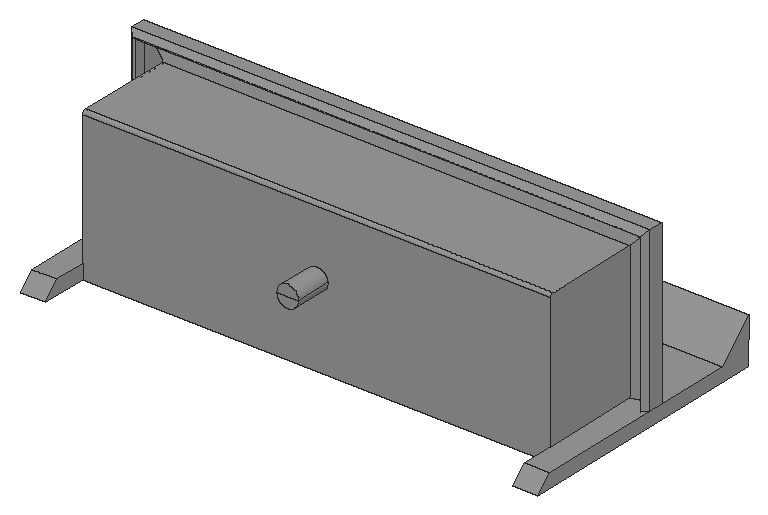
Revit family "Urinal-Willoughby-1800-UW-FA-LS", category Plumbing Fixtures, Revit 2015
Parameters (values of type "1836")
  Width = 3' - 0"
  Waste DIA = 1 1/2"
  Waste Connection = yes
  Vent Connection = no
  URL = "https://www.willoughby-ind.com/wp-content/uploads/2018/01/UW-1800.pdf"
  Trough Width = Width - 0' 3 1/2"  # 2' - 8 1/2"
  Revision = "A"
  Model = "UW-1836-FA-LS"
  Manufacturer = "Willoughby Industries"
  Half Width = Width / 2  # 1' - 6"
  HW Connection = no
  Fixture Body = Stainless Steel AISI 304-Willoughby(4)
  Description = "36\" Trough Urinal Left Spud"
  Default Elevation = 0' - 0"
  Contact = "800-428-4065"
  CW inlet Diameter = 3/4"
  CW Connection = yes
  96" = no
  72" = no
  60" = no
  48" = no
  36" = yes
Types (6): name | Width | Trough Width | Model | Half Width | Fixture Body | Description | CW inlet Diameter | 96" | 72" | 60" | 48" | 36"
  (no name) | 3' - 0" | 2' - 8 1/2" | "UW-1836-FA-LS" | 1' - 6" | Stainless Steel AISI 304-Willoughby(4) | "36\" Trough Urinal Left Spud" | 3/4" | no | no | no | no | yes
  1848 | 4' - 0" | 3' - 8 1/2" | "UW-1848-FA-LS" | 2' - 0" | Stainless Steel AISI 304-Willoughby | "48\" Trough Urinal Left Spud" | 3/4" | no | no | no | yes | no
  1836 | 3' - 0" | 2' - 8 1/2" | "UW-1836-FA-LS" | 1' - 6" | Stainless Steel AISI 304-Willoughby(4) | "36\" Trough Urinal Left Spud" | 3/4" | no | no | no | no | yes
  1860 | 5' - 0" | 4' - 8 1/2" | "UW-1860-FA-LS" | 2' - 6" | Stainless Steel AISI 304-Willoughby(3) | "60\" Trough Urinal Left Spud" | 3/4" | no | no | yes | no | no
  1872 | 6' - 0" | 5' - 8 1/2" | "UW-1872-FA-LS" | 3' - 0" | Stainless Steel AISI 304-Willoughby(2) | "72\" Trough Urinal Left Spud" | 1 1/2" | no | yes | no | no | no
  1896 | 8' - 0" | 7' - 8 1/2" | "UW-1896-FA-LS" | 4' - 0" | Stainless Steel AISI 304-Willoughby(1) | "96\" Trough Urinal Left Spud" | 1 1/2" | yes | no | no | no | no
Reference planes (in)
  plane 1 "Center (Front/Back)Floor Level": y = 0
  plane 2: z = 0
  plane 3 "Center (Left/Right)": x = 0
  plane 4 "Top Of Urinal": y = 20
  plane 5 "Top Of Unit": y = 28
  plane 6 "Botto Of Unit": y = 13
  plane 7 "Left extent": x = -18
  plane 8 "Right Extent": x = 18
  plane 9: z = 10.5
  plane 10: x = 16.25
  plane 11: x = -16.25
  plane 12 "Drain Center": z = 5.75
  plane 13 "top spud": z = 2.5
  plane 14: x = -16.15625
  plane 15: x = -19
Forms (in)
  Extrusion 1, solid, material "Stainless Steel AISI 304-Willoughby(4)" <- "Fixture Body"
    sketch origin (0, 0, 0) x (0, 1, 0) y (0, 0, 1)
      loop
        line (13, 0) -> (28, 0) -> (28, 3.25) -> (25.75, 1) -> (13, 1) -> (13, 0)
    from -18 to 18
  Extrusion 2, solid, material "Stainless Steel AISI 304-Willoughby(4)" <- "Fixture Body"
    sketch origin (0, 0, 0) x (0, 1, 0) y (0, 0, 1)
      loop
        line (20, 1) -> (20, 10.5) -> (13.25, 10.5)
        arc (13.25, 10.5) -> (13.07322, 10.42678) -> (13, 10.25) r 0.25
        line (13, 10.25) -> (13, 1) -> (20, 1)
    from -16.25 to 16.25
  Sweep 3, solid, material "Stainless Steel AISI 304-Willoughby(4)" <- "Fixture Body", detail levels medium+fine
    path origin (0, 20, 0) x (-1, 0, 0) y (0, 0, 1)
      loop
        line (-16.25, 1) -> (-16.25, 10.5) -> (16.25, 10.5) -> (16.25, 1)
    profile origin (16.25, 20, 5.75) x (1, 0, 0) y (0, 1, 0)
      loop
        line (0, 0) -> (0, -0.09706) -> (1.65625, 0.34673) -> (1.65625, -0.49226) -> (1.33016, -0.81835) -> (1.39645, -0.88464) -> (1.75, -0.53109) -> (1.75, 0.46891) -> (0, 0)
  Extrusion 4, void
    sketch origin (0, 0, 0) x (0, 1, 0) y (0, 0, 1)
      loop
        line (20, 10.45984) -> (13.36653, 10.45984)
        arc (13.36653, 10.45984) -> (13.18975, 10.38661) -> (13.11653, 10.20984) r 0.25
        line (13.11653, 10.20984) -> (13.11653, 1.06937) -> (20, 1.06937) -> (20, 10.45984)
    from -16.15625 to 16.1513
  Revolve 5, solid, material "Stainless Steel AISI 304-Willoughby(4)" <- "Fixture Body", detail levels medium+fine
    sketch origin (0, 0, 5.75) x (1, 0, 0) y (0, 1, 0)
      loop
        line (0, 13.11653) -> (0, 10.5) -> (0.75, 10.5) -> (0.75, 13.11653) -> (0, 13.11653)
      axis (0, 13.11653) -> (0, 10.5)
    angle from 0 to 360
  Extrusion 6, solid, material "Stainless Steel AISI 304-Willoughby(4)" <- "Fixture Body"
    sketch origin (0, 0, 0) x (0, 1, 0) y (0, 0, 1)
      loop
        line (13, 0) -> (13, 1) -> (10.75, 1) -> (9.75, 0) -> (13, 0)
    from -18 to -16.25
  Extrusion 7, solid, material "Stainless Steel AISI 304-Willoughby(4)" <- "Fixture Body"
    sketch origin (0, 0, 0) x (0, 1, 0) y (0, 0, 1)
      loop
        line (13, 1) -> (10.75, 1) -> (9.75, 0) -> (13, 0) -> (13, 1)
    from 16.25 to 18
  Extrusion 8, solid, material "Stainless Steel AISI 304-Willoughby(4)" <- "Fixture Body", detail levels medium+fine
    sketch origin (0, 0, 0) x (0, 1, 0) y (0, 0, 1)
      loop
        circle (27.24511, 1.32678) r 0.375
    from -18 to -19
Cuts and joins
  Extrusion 4 cuts Extrusion 2
  joined: Extrusion 1, Extrusion 2, Extrusion 6, Extrusion 7
  Extrusion 4 cuts Sweep 3
Lines and regions (in)
  symbolic lines
    curve 1: line (-16.25, 9.75, 2.5) -> (-18, 9.75, 2.5)
    curve 2: line (-18, 9.75, 2.5) -> (-18, 28, 2.5)
    curve 3: line (-18, 28, 2.5) -> (18, 28, 2.5)
    curve 4: line (18, 28, 2.5) -> (18, 9.75, 2.5)
    curve 5: line (18, 9.75, 2.5) -> (16.25, 9.75, 2.5)
    curve 6: line (16.25, 9.75, 2.5) -> (16.25, 13, 2.5)
    curve 7: line (16.25, 13, 2.5) -> (-16.25, 13, 2.5)
    curve 8: line (-16.25, 13, 2.5) -> (-16.25, 20, 2.5)
    curve 9: line (-16.25, 20, 2.5) -> (16.25, 20, 2.5)
    curve 10: line (16.25, 20, 2.5) -> (16.25, 13, 2.5)
    curve 17: line (-16.25, 13, 2.5) -> (-16.25, 9.75, 2.5)
    curve 20: line (-18, 20, 0) -> (18, 20, 0)
    curve 21: line (18, 20, 0) -> (18, 20, 12.25)
    curve 22: line (18, 20, 12.25) -> (-18, 20, 12.25)
    curve 23: line (-18, 20, 12.25) -> (-18, 20, 0)
    curve 29: line (0, 9.75, 0) -> (0, 28, 0)
    curve 30: line (0, 28, 0) -> (0, 28, 3.25)
    curve 31: line (0, 28, 3.25) -> (0, 25.75, 1)
    curve 32: line (0, 25.75, 1) -> (0, 10.75, 1)
    curve 33: line (0, 10.75, 1) -> (0, 9.75, 0)
    curve 34: line (0, 20, 1) -> (0, 20, 10.5)
    curve 35: line (0, 20, 10.5) -> (0, 13.25, 10.5)
    curve 36: arc (0, 13.25, 10.5) -> (0, 13.07322, 10.42678) -> (0, 13, 10.25) r 0.25
    curve 37: line (0, 13, 10.25) -> (0, 13, 1)
  symbolic lines, detail levels fine
    curve 11: line (-17.64645, 19.11536, 2.5) -> (17.64645, 19.11536, 2.5)
    curve 12: line (17.64645, 19.11536, 2.5) -> (18, 19.46891, 2.5)
    curve 13: line (18, 20.46891, 2.5) -> (16.25, 20, 2.5)
    curve 14: line (-17.64645, 19.11536, 2.5) -> (-18, 19.46891, 2.5)
    curve 26: line (-16.25, 20, 1) -> (-16.25, 20, 10.5)
    curve 27: line (-16.25, 20, 10.5) -> (16.25, 20, 10.5)
    curve 28: line (16.25, 20, 10.5) -> (16.25, 20, 1)
    curve 42: line (0, 20.46891, 12.25) -> (0, 20, 10.5)
    curve 43: line (0, 19.46891, 12.25) -> (0, 19.46891, 1)
  symbolic lines, detail levels medium+fine
    curve 15: line (-18, 20.46891, 2.5) -> (18, 20.46891, 2.5)
    curve 16: line (-18, 25.75, 2.5) -> (18, 25.75, 2.5)
    curve 18: line (-16.25, 10.75, 2.5) -> (-18, 10.75, 2.5)
    curve 19: line (16.25, 10.75, 2.5) -> (18, 10.75, 2.5)
    curve 24: line (-18, 20, 1) -> (18, 20, 1)
    curve 25: line (18, 20, 3.25) -> (-18, 20, 3.25)
    curve 38: line (0, 20.46891, 1) -> (0, 20.46891, 12.25)
    curve 39: line (0, 20.46891, 12.25) -> (0, 19.46891, 12.25)
    curve 40: line (0, 19.46891, 12.25) -> (0, 19.11536, 11.89645)
    curve 41: line (0, 19.11536, 11.89645) -> (0, 19.11536, 1)
Dimensions and locks (in)
  "Width": plane 7 "Left extent" to plane 8 "Right Extent"
  equal spacing: plane 7 "Left extent", plane 3 "Center (Left/Right)", plane 8 "Right Extent"
  plane 3 "Center (Left/Right)" to plane 8 "Right Extent" = 1' - 6"
  "Trough Width": plane 11 to plane 10
  equal spacing: plane 11, plane 3 "Center (Left/Right)", plane 10
  cut or joined group of Extrusion 1, Extrusion 2, Extrusion 4, Extrusion 6, Extrusion 7 to cut or joined group of Extrusion 1, Extrusion 2, Extrusion 4, Extrusion 6, Extrusion 7 = 0' - 1 3/4"
  locked: cut or joined group of Extrusion 1, Extrusion 2, Extrusion 4, Extrusion 6, Extrusion 7 to cut or joined group of Extrusion 1, Extrusion 2, Extrusion 4, Extrusion 6, Extrusion 7 at 0.0987
  plane 13 "top spud" to cut or joined group of Extrusion 1, Extrusion 2, Extrusion 4, Extrusion 6, Extrusion 7 = 0' - 0 3/4"
  cut or joined group of Extrusion 1, Extrusion 2, Extrusion 4, Extrusion 6, Extrusion 7 to cut or joined group of Extrusion 1, Extrusion 2, Extrusion 4, Extrusion 6, Extrusion 7 = 0' - 1 27/32"
  plane 11 to plane 14 = 0' - 0 3/32"
  locked: plane 15 to plane 7 "Left extent" at 1
  aligned and locked: Extrusion 1 to level
  aligned and locked: plane 5 "Top Of Unit" to Extrusion 1
  aligned and locked: Extrusion 1 to plane 6 "Botto Of Unit"
  aligned and locked: Extrusion 1 to plane 8 "Right Extent"
  aligned and locked: plane 7 "Left extent" to Extrusion 1
  aligned and locked: plane 9 to Extrusion 2
  aligned and locked: plane 4 "Top Of Urinal" to Extrusion 2
  aligned and locked: Extrusion 2 to Extrusion 1
  aligned and locked: Extrusion 2 to plane 6 "Botto Of Unit"
  aligned and locked: plane 10 to Extrusion 2
  aligned and locked: Extrusion 2 to plane 11
  aligned and locked: plane 4 "Top Of Urinal" to Extrusion 4
  aligned and locked: Extrusion 2 to cut or joined group of Sweep 3, Extrusion 4  (x2)
  aligned and locked: cut or joined group of Extrusion 1, Extrusion 2, Extrusion 4, Extrusion 6, Extrusion 7 to Revolve 5 sketch curve
  aligned and locked: Revolve 5 sketch curve to Revolve 5 sketch curve  (x2)
  aligned and locked: Extrusion 6 to level
  aligned and locked: plane 6 "Botto Of Unit" to Extrusion 6
  aligned and locked: Extrusion 6 to cut or joined group of Extrusion 1, Extrusion 2, Extrusion 4, Extrusion 6, Extrusion 7
  aligned and locked: plane 11 to Extrusion 6
  aligned and locked: plane 7 "Left extent" to Extrusion 6
  aligned and locked: Extrusion 7 to plane 8 "Right Extent"
  aligned and locked: Extrusion 7 to plane 10
  aligned and locked: curve 16 to cut or joined group of Extrusion 1, Extrusion 2, Extrusion 4, Extrusion 6, Extrusion 7
  aligned and locked: Extrusion 4 to plane 14
  aligned and locked: Extrusion 8 to plane 7 "Left extent"
  aligned and locked: plane 15 to Extrusion 8
Automatic sketch dimensions
  Extrusion 1 sketch curve to level = 0' - 0"
  Extrusion 1 sketch curve to plane 6 "Botto Of Unit" = 0' - 0"
  Extrusion 1 sketch curve to plane 5 "Top Of Unit" = 0' - 0"
  level to Extrusion 1 sketch curve = 0' - 1"
  Extrusion 1 sketch curve to plane 5 "Top Of Unit" = 0' - 2 1/4"
  Extrusion 1 sketch curve to Extrusion 1 sketch curve = 0' - 2 1/4"
  Extrusion 2 sketch curve to plane 6 "Botto Of Unit" = 0' - 0"
  Extrusion 2 sketch curve to plane 9 = 0' - 0"
  Extrusion 2 sketch curve to plane 4 "Top Of Urinal" = 0' - 0"
  plane 6 "Botto Of Unit" to Extrusion 2 sketch curve = 0' - 0 1/4"
  level to Extrusion 2 sketch curve = 0' - 1"
  Sweep 3 sketch curve to plane 10 = 0' - 0"
  Sweep 3 sketch curve to plane 9 = 0' - 0"
  Sweep 3 sketch curve to plane 11 = 0' - 0"
  level to Sweep 3 sketch curve = 0' - 1"  (x2)
  Sweep 3 sketch curve to profile plane = 0' - 0"
  Sweep 3 sketch curve to plane 4 "Top Of Urinal" = 0' - 0"
  Sweep 3 sketch curve to profile plane = 0' - 1.33016"
  Sweep 3 sketch curve to plane 4 "Top Of Urinal" = 0' - 0.88464"
  Sweep 3 sketch curve to Sweep 3 sketch curve = 0' - 0.06629"
  plane 4 "Top Of Urinal" to Sweep 3 sketch curve = 0' - 0.34673"
  Sweep 3 sketch curve to Sweep 3 sketch curve = 0' - 0.32609"
  Sweep 3 sketch curve to plane 4 "Top Of Urinal" = 0' - 0.53109"
  Sweep 3 sketch curve to Sweep 3 sketch curve = 0' - 0 3/32"
  Sweep 3 sketch curve to Sweep 3 sketch curve = 0' - 0.12218"
  Sweep 3 sketch curve to Sweep 3 sketch curve = 0' - 0.09706"
  Extrusion 4 sketch curve to plane 4 "Top Of Urinal" = 0' - 0"
  plane 6 "Botto Of Unit" to Extrusion 4 sketch curve = 0' - 0.36653"
  plane 6 "Botto Of Unit" to Extrusion 4 sketch curve = 0' - 0.11653"
  level to Extrusion 4 sketch curve = 0' - 1.06937"
  Extrusion 4 sketch curve to plane 9 = 0' - 0.29016"
  Revolve 5 sketch curve to plane 3 "Center (Left/Right)" = 0' - 0"
  Revolve 5 sketch curve to Revolve 5 sketch curve = 0' - 0 3/4"
  Revolve 5 sketch curve to plane 6 "Botto Of Unit" = 0' - 2 1/2"
  Revolve 5 sketch curve to Revolve 5 sketch curve = 0' - 0"
  Extrusion 6 sketch curve to level = 0' - 0"
  Extrusion 6 sketch curve to plane 6 "Botto Of Unit" = 0' - 0"
  level to Extrusion 6 sketch curve = 0' - 1"
  Extrusion 6 sketch curve to plane 6 "Botto Of Unit" = 0' - 2 1/4"
  Extrusion 6 sketch curve to Extrusion 6 sketch curve = 0' - 1"
  Extrusion 7 sketch curve to level = 0' - 0"
  Extrusion 7 sketch curve to plane 6 "Botto Of Unit" = 0' - 0"
  Extrusion 7 sketch curve to Extrusion 7 sketch curve = 0' - 1"  (x2)
  Extrusion 7 sketch curve to plane 6 "Botto Of Unit" = 0' - 2 1/4"
  curve 18 to plane 7 "Left extent" = 0' - 0"
  curve 17 to plane 6 "Botto Of Unit" = 0' - 0"
  curve 17 to plane 11 = 0' - 0"
  curve 10 to plane 4 "Top Of Urinal" = 0' - 0"
  curve 19 to plane 10 = 0' - 0"
  curve 15 to plane 8 "Right Extent" = 0' - 0"
  curve 3 to plane 5 "Top Of Unit" = 0' - 0"
  curve 14 to plane 7 "Left extent" = 0' - 0.35355"
  plane 8 "Right Extent" to curve 12 = 0' - 0.35355"
  curve 4 to plane 6 "Botto Of Unit" = 0' - 3 1/4"
  curve 17 to curve 7 = 0' - 3 1/4"
  curve 14 to plane 4 "Top Of Urinal" = 0' - 0.88464"
  plane 4 "Top Of Urinal" to curve 15 = 0' - 0.46891"
  curve 4 to curve 19 = 0' - 1"
  curve 1 to curve 18 = 0' - 1"
  curve 11 to curve 12 = 0' - 0.35355"
  curve 11 to curve 14 = 0' - 0.35355"
  curve 20 to level = 0' - 0"
  plane 8 "Right Extent" to curve 20 = 0' - 0"
  curve 28 to plane 9 = 0' - 0"
  curve 28 to plane 10 = 0' - 0"
  curve 27 to plane 11 = 0' - 0"
  plane 7 "Left extent" to curve 24 = 0' - 0"
  plane 9 to curve 22 = 0' - 1 3/4"
  level to curve 24 = 0' - 1"
  plane 13 "top spud" to curve 25 = 0' - 0 3/4"
  curve 29 to level = 0' - 0"
  curve 37 to plane 6 "Botto Of Unit" = 0' - 0"
  curve 35 to plane 9 = 0' - 0"
  curve 34 to plane 4 "Top Of Urinal" = 0' - 0"
  curve 29 to plane 5 "Top Of Unit" = 0' - 0"
  level to curve 32 = 0' - 1"
  curve 32 to plane 6 "Botto Of Unit" = 0' - 2 1/4"
  curve 33 to curve 32 = 0' - 1"
  plane 6 "Botto Of Unit" to curve 35 = 0' - 0 1/4"
  curve 41 to plane 4 "Top Of Urinal" = 0' - 0.88464"
  curve 40 to curve 40 = 0' - 0.35355"
  plane 4 "Top Of Urinal" to curve 39 = 0' - 0.46891"
  curve 31 to plane 5 "Top Of Unit" = 0' - 2 1/4"
  plane 13 "top spud" to curve 31 = 0' - 0 3/4"
  plane 9 to curve 40 = 0' - 1.39645"
  curve 40 to curve 39 = 0' - 0.35355"
  Extrusion 8 sketch curve to plane 5 "Top Of Unit" = 0' - 0.75489"
  Extrusion 8 sketch curve to plane 13 "top spud" = 0' - 1.17322"
  radius of Extrusion 8 sketch curve = 0' - 0 3/8"
Connectors (in)
  piping at (0, 10.5, 5.75), diameter 1.5, driven by "Waste DIA", driven by "Waste Connection"
    settings: on Revolve 5, index 1, connector inside diameter 24", connector length 0' - 0", flow factor 0, pipe flow 0 GPM, pressure drop 0.00 psi, fitting loss kfactor 0, connector angle 0.00°, fixture units 0, engagement length 0' - 0", angle of deflection 0.00°, flow configuration 0, flow direction 2, fitting loss method 0, system type 16, joint type 0, gender type 0, connector reference index -1, connector utility 1, adjustable connector no, is connector primary yes, connector description "Urinal Waste"
  piping at (-19, 27.24511, 1.32678), diameter 0.75
    settings: on Extrusion 8, index 2, connector inside diameter 24", connector length 0' - 0", flow factor 0, pipe flow 0 GPM, pressure drop 0.00 psi, fitting loss kfactor 0, connector angle 0.00°, fixture units 0, engagement length 0' - 0", angle of deflection 0.00°, flow configuration 0, flow direction 0, fitting loss method 0, system type 7, joint type 0, gender type 0, connector reference index -1, connector utility 0, adjustable connector no, is connector primary no, connector description ""
